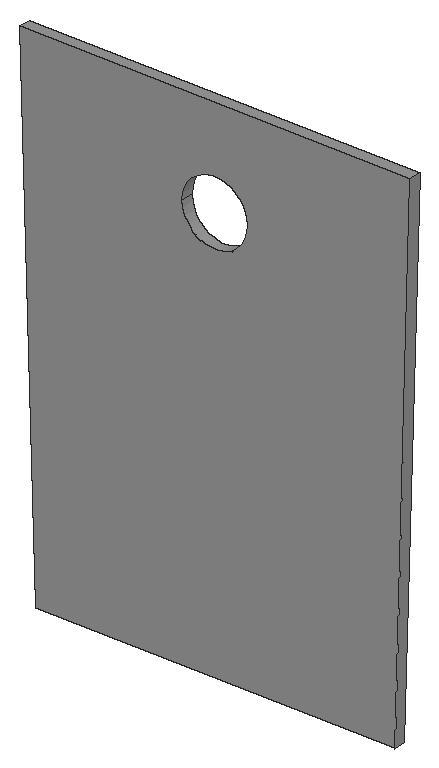
Revit family "ABR9020PB", category Structural Connections, Revit 2016
Family settings
  Material for Model Behavior = Steel
  OmniClass Number = 23.20.40.11.24.14
  OmniClass Title = Wood Connectors
  Work Plane-Based = Yes
  Enable cutting in views = No
  Always vertical = No
  Cut with Voids When Loaded = No
  Shared = No
Parameters
  UniClass Title = "Bracketed angle supports"  # constant formula
  UniClass Number = "Pr_20_85_09_09"  # constant formula
  URL = "www.strongtie.eu"
  Technical datasheet = "https://www.strongtie.eu/eu-EU/technical-data-sheets"
  Reference = "ABR9020PB"  # constant formula
  Provide Feedback = "mailto:EUdrawings@strongtie.com"
  Product Type = "Angle brackets"  # constant formula
  Product Material = Zpro® + black painting
  ObjectType = Model  # "ABR9020PB"
  Name = Model  # "ABR9020PB"
  Model ID = "0329881392071894632087820482706610864368"  # constant formula
  Model Disclaimer = "Contact Simpson Strong-Tie Company  for more information"  # constant formula
  Model = "ABR9020PB"  # constant formula
  Manufacturer = "Simpson Strong-Tie"  # constant formula
  ETA / DoP = "https://www.strongtie.eu/eu-EU/cemarking"
  EPD = "https://www.strongtie.eu/eu-EU/EPD"
  Description = Product Type  # "Angle brackets"
  Density = 0.168 kg  # constant formula
  Default Elevation = 0 mm
  Copyright = "©Simpson Strong-Tie"  # constant formula
Reference planes
  plane 1 "Center (Front/Back)": y = 0
  plane 2: z = 0
  plane 3 "Center (Left/Right)": x = 0
Forms (mm)
  Extrusion 1, solid, material "Zpro® + black painting" <- "Product Material", detail levels medium+fine
    sketch origin (0, 0, 0) x (1, 0, 0) y (0, 0, 1)
      loop
        line (32.55, 88) -> (-32.55, 88)
        arc (-32.55, 88) -> (-31.774, 44.984) -> (-29.94, 2) r 1747.104
        line (-29.94, 2) -> (29.94, 2)
        arc (29.94, 2) -> (31.774, 44.984) -> (32.55, 88) r 1747.104
      loop
        circle (0, 71.499) r 5.492
    from 0 to 2
Dimensions and locks
  aligned and locked: level to plane 2
